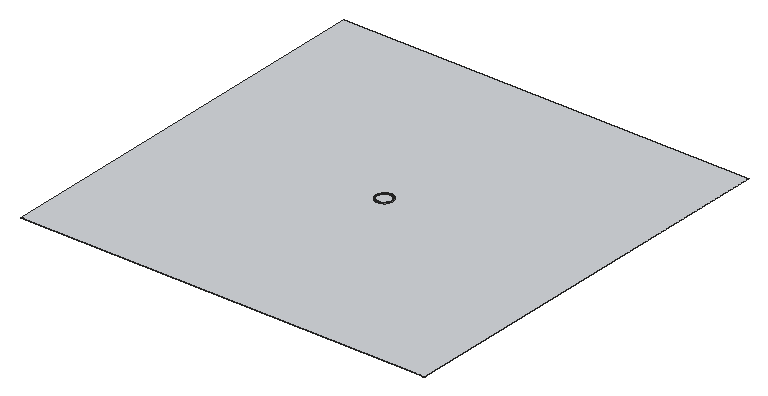
Revit family "LAMP_KOMBIC 100 ROUND IP40 CRI80 OPTIC DALI", category Luminarias, Revit 2018
Family settings
  Anfitrión = Cara
  Cota de conector redondo = Diámetro de uso
  Tipo de pieza = Normal
  Corte con vacíos al cargar = No
  Origen de luz = Sí
  Compartido = No
  Punto de cálculo de habitación = No
Parameters (values of type "1205LM 3000K  BK/BK")
  Ángulo de inclinación = -90.00°
  Weight = 0.382 kg
  Wattage = 13.7 W
  UGR = "17"
  Type = "COB PHILIPS"
  built-in parameter 1150107 = 3000 (stored number, unit not read)
  Recessed diameter = 95 mm
  built-in parameter 1150110 = 1 (stored number, unit not read)
  built-in parameter 1150109 = 1 (stored number, unit not read)
  built-in parameter 1150112 = 1 (stored number, unit not read)
  built-in parameter 1150113 = 1 (stored number, unit not read)
  built-in parameter 1114218 = 1 (stored number, unit not read)
  Protection rating = "IP40"
  Product datasheet = "http://www.lamp.es/product-files/TECH/K11RD2040WF830NBB-EN.pdf"
  Product code = "K11RD2040WF830DBB"
  Product URL = "https://www.lamp.es/en/family/kombic-downlight_33313"
  Power Supply = "220-240V 50/60Hz"
  Power = 12 W
  Plum = 13.7 W
  built-in parameter 1150137 = (empty or 0)
  built-in parameter 1150132 = 2
  Modelo = Product code  # "K11RD2040WF830DBB"
  Material reflector = LAMP_PC Reflector Kombic Metalizado Negro
  Material optica = LAMP_PMMA Optica Kombic100
  Material disipador = LAMP_Aluminio Disipador Kombic
  Material difusor = LAMP_PMMA Difusor Kombic
  Material aro = LAMP_Plástico genérico NG
  Material COB = LAMP_COB
  Manufacturer name = "LAMP"
  Manufacturer country = "Spain"
  Manufacturer URL = "http://www.lamp.es/en"
  MacAdam = "3"
  Luminaire type = "Downlight"
  Last update = "14/07/2021"
  Lamp = "COB LED"
  LED Lifetime = "50.000 L80 B10"
  built-in parameter 1150105 = 1571.2 (stored number, unit not read)
  built-in parameter 1150102 = (empty or 0)
  Insulation class = "II"
  Installation instructions = "https://www.lamp.es/product-files/packed/by-family/33313_INS_all.zip"
  built-in parameter 1150106 = 15.712 (stored number, unit not read)
  IEE = "A+"
  Height = 75 mm
  Gear = "Electronic"
  Lumens = 1205.6 lm
  Finish = "Matte black RAL 9011"
  Color Filter = 16777215
  built-in parameter 1114217 = 1 (stored number, unit not read)
  built-in parameter 1150139 = (empty or 0)
  Fabricante = Manufacturer name  # "LAMP"
  Default Elevation = 1219.2 mm
  built-in parameter 1150104 = 8.1755 (stored number, unit not read)
  Efficacy = 88 lm/W
  Diameter = 99 mm
  built-in parameter 1150115 = 1 (stored number, unit not read)
  built-in parameter 1150114 = 1 (stored number, unit not read)
  built-in parameter 1150138 = (empty or 0)
  built-in parameter 1150134 = (empty or 0)
  Dimming Lamp Color Temperature Shift = (empty or 0)
  CRI = "80"
  Archivo de red fotométrica = "K11RD2040WF830NBB.IES"
  built-in parameter 1150133 = 10 (stored number, unit not read)
Types (16, lengths in mm): name | Wattage | UGR | built-in parameter 1150107 | Product datasheet | Product code | Power | Plum | Modelo | Material reflector | Material aro | LED Lifetime | built-in parameter 1150105 | built-in parameter 1150106 | Lumens | Finish | built-in parameter 1150104 | Efficacy | built-in parameter 1150134 | Archivo de red fotométrica
  1205LM 3000K  BK/BK | 13.7 W | "17" | 3000 (stored number, unit not read) | "http://www.lamp.es/product-files/TECH/K11RD2040WF830NBB-EN.pdf" | "K11RD2040WF830DBB" | 12 W | 13.7 W | "K11RD2040WF830DBB" | LAMP_PC Reflector Kombic Metalizado Negro | LAMP_Plástico genérico NG | "50.000 L80 B10" | 1571.2 (stored number, unit not read) | 15.712 (stored number, unit not read) | 1205.6 lm | "Matte black RAL 9011" | 8.1755 (stored number, unit not read) | 88 lm/W | (empty or 0) | "K11RD2040WF830NBB.IES"
  1205LM 3000K  BK/W | 13.7 W | "17" | 3000 (stored number, unit not read) | "http://www.lamp.es/product-files/TECH/K11RD2040WF830NBW-EN.pdf" | "K11RD2040WF830DBW" | 12 W | 13.7 W | "K11RD2040WF830DBW" | LAMP_PC Reflector Kombic Metalizado Negro | LAMP_Plástico genérico BL | "50.000 L80 B10" | 1571.2 (stored number, unit not read) | 15.712 (stored number, unit not read) | 1205.6 lm | "Shiny white RAL 9010" | 8.1755 (stored number, unit not read) | 88 lm/W | (empty or 0) | "K11RD2040WF830NBW.IES"
  1268LM 3000K  M/W | 13.7 W | "17" | 3000 (stored number, unit not read) | "http://www.lamp.es/product-files/TECH/K11RD2040WF830NMW-EN.pdf" | "K11RD2040WF830DMW" | 12 W | 13.7 W | "K11RD2040WF830DMW" | LAMP_PC Reflector Kombic Metalizado Mate | LAMP_Plástico genérico BL | "50.000 L80 B10" | 1651.6 (stored number, unit not read) | 16.516 (stored number, unit not read) | 1267.25 lm | "Shiny white RAL 9010" | 8.5935 (stored number, unit not read) | 92.5 lm/W | (empty or 0) | "K11RD2040WF830NMW.IES"
  1275LM 3000K  W/W | 13.7 W | "19" | 3000 (stored number, unit not read) | "http://www.lamp.es/product-files/TECH/K11RD2040WF830NWW-EN.pdf" | "K11RD2040WF830DWW" | 12 W | 13.7 W | "K11RD2040WF830DWW" | LAMP_PC Reflector Kombic Blanco | LAMP_Plástico genérico BL | "50.000 L80 B10" | 1662.3 (stored number, unit not read) | 16.623 (stored number, unit not read) | 1275.47 lm | "Matte white RAL 9010" | 8.6493 (stored number, unit not read) | 93.1 lm/W | (empty or 0) | "K11RD2040WF830NWW.IES"
  1277LM 4000K  BK/BK | 13.7 W | "17" | 4000 (stored number, unit not read) | "http://www.lamp.es/product-files/TECH/K11RD2040WF840NBB-EN.pdf" | "K11RD2040WF840DBB" | 12 W | 13.7 W | "K11RD2040WF840DBB" | LAMP_PC Reflector Kombic Metalizado Negro | LAMP_Plástico genérico NG | "50.000 L80 B10" | 1664.1 (stored number, unit not read) | 16.641 (stored number, unit not read) | 1276.84 lm | "Matte black RAL 9011" | 8.6586 (stored number, unit not read) | 93.2 lm/W | 12 | "K11RD2040WF840NBB.IES"
  1277LM 4000K  BK/W | 13.7 W | "17" | 4000 (stored number, unit not read) | "http://www.lamp.es/product-files/TECH/K11RD2040WF840NBW-EN.pdf" | "K11RD2040WF840DBW" | 12 W | 13.7 W | "K11RD2040WF840DBW" | LAMP_PC Reflector Kombic Metalizado Negro | LAMP_Plástico genérico BL | "50.000 L80 B10" | 1664.1 (stored number, unit not read) | 16.641 (stored number, unit not read) | 1276.84 lm | "Shiny white RAL 9010" | 8.6586 (stored number, unit not read) | 93.2 lm/W | 12 | "K11RD2040WF840NBW.IES"
  1343LM 4000K  M/W | 13.7 W | "17" | 4000 (stored number, unit not read) | "http://www.lamp.es/product-files/TECH/K11RD2040WF840NMW-EN.pdf" | "K11RD2040WF840DMW" | 12 W | 13.7 W | "K11RD2040WF840DMW" | LAMP_PC Reflector Kombic Metalizado Mate | LAMP_Plástico genérico BL | "50.000 L80 B10" | 1749.8 (stored number, unit not read) | 17.498 (stored number, unit not read) | 1342.6 lm | "Shiny white RAL 9010" | 9.1045 (stored number, unit not read) | 98 lm/W | 12 | "K11RD2040WF840NMW.IES"
  1351LM 4000K  W/W | 13.7 W | "19" | 4000 (stored number, unit not read) | "http://www.lamp.es/product-files/TECH/K11RD2040WF840NWW-EN.pdf" | "K11RD2040WF840DWW" | 12 W | 13.7 W | "K11RD2040WF840DWW" | LAMP_PC Reflector Kombic Blanco | LAMP_Plástico genérico BL | "50.000 L80 B10" | 1760.5 (stored number, unit not read) | 17.605 (stored number, unit not read) | 1350.82 lm | "Matte white RAL 9010" | 9.1602 (stored number, unit not read) | 98.6 lm/W | 12 | "K11RD2040WF840NWW.IES"
  1609LM 3000K  BK/BK | 19.8 W | "17" | 3000 (stored number, unit not read) | "http://www.lamp.es/product-files/TECH/K11RD2540WF830NBB-EN.pdf" | "K11RD2540WF830DBB" | 18 W | 19.8 W | "K11RD2540WF830DBB" | LAMP_PC Reflector Kombic Metalizado Negro | LAMP_Plástico genérico NG | "50.000 L70 B10" | 2095.4 (stored number, unit not read) | 20.954 (stored number, unit not read) | 1607.76 lm | "Matte black RAL 9011" | 7.5437 (stored number, unit not read) | 81.2 lm/W | (empty or 0) | "K11RD2540WF830NBB.IES"
  1609LM 3000K  BK/W | 19.8 W | "17" | 3000 (stored number, unit not read) | "http://www.lamp.es/product-files/TECH/K11RD2540WF830NBW-EN.pdf" | "K11RD2540WF830DBW" | 18 W | 19.8 W | "K11RD2540WF830DBW" | LAMP_PC Reflector Kombic Metalizado Negro | LAMP_Plástico genérico BL | "50.000 L70 B10" | 2095.4 (stored number, unit not read) | 20.954 (stored number, unit not read) | 1607.76 lm | "Shiny white RAL 9010" | 7.5437 (stored number, unit not read) | 81.2 lm/W | (empty or 0) | "K11RD2540WF830NBW.IES"
  1692LM 3000K  M/W | 19.8 W | "17" | 3000 (stored number, unit not read) | "http://www.lamp.es/product-files/TECH/K11RD2540WF830NMW-EN.pdf" | "K11RD2540WF830DMW" | 18 W | 19.8 W | "K11RD2540WF830DMW" | LAMP_PC Reflector Kombic Metalizado Mate | LAMP_Plástico genérico BL | "50.000 L70 B10" | 2203.7 (stored number, unit not read) | 22.037 (stored number, unit not read) | 1690.92 lm | "Shiny white RAL 9010" | 7.9339 (stored number, unit not read) | 85.4 lm/W | (empty or 0) | "K11RD2540WF830NMW.IES"
  1701LM 3000K  W/W | 19.8 W | "19" | 3000 (stored number, unit not read) | "http://www.lamp.es/product-files/TECH/K11RD2540WF830NWW-EN.pdf" | "K11RD2540WF830DWW" | 18 W | 19.8 W | "K11RD2540WF830DWW" | LAMP_PC Reflector Kombic Blanco | LAMP_Plástico genérico BL | "50.000 L70 B10" | 2216.7 (stored number, unit not read) | 22.167 (stored number, unit not read) | 1700.82 lm | "Matte white RAL 9010" | 7.9804 (stored number, unit not read) | 85.9 lm/W | (empty or 0) | "K11RD2540WF830NWW.IES"
  1704LM 4000K  BK/BK | 19.8 W | "17" | 4000 (stored number, unit not read) | "http://www.lamp.es/product-files/TECH/K11RD2540WF840NBB-EN.pdf" | "K11RD2540WF840DBB" | 18 W | 19.8 W | "K11RD2540WF840DBB" | LAMP_PC Reflector Kombic Metalizado Negro | LAMP_Plástico genérico NG | "50.000 L70 B10" | 2221.8 (stored number, unit not read) | 22.218 (stored number, unit not read) | 1704.78 lm | "Matte black RAL 9011" | 7.999 (stored number, unit not read) | 86.1 lm/W | 12 | "K11RD2540WF840NBB.IES"
  1704LM 4000K  BK/W | 19.8 W | "17" | 4000 (stored number, unit not read) | "http://www.lamp.es/product-files/TECH/K11RD2540WF840NBW-EN.pdf" | "K11RD2540WF840DBW" | 18 W | 19.8 W | "K11RD2540WF840DBW" | LAMP_PC Reflector Kombic Metalizado Negro | LAMP_Plástico genérico BL | "50.000 L70 B10" | 2221.8 (stored number, unit not read) | 22.218 (stored number, unit not read) | 1704.78 lm | "Shiny white RAL 9010" | 7.999 (stored number, unit not read) | 86.1 lm/W | 12 | "K11RD2540WF840NBW.IES"
  1792LM 4000K  M/W | 19.8 W | "17" | 4000 (stored number, unit not read) | "http://www.lamp.es/product-files/TECH/K11RD2540WF840NMW-EN.pdf" | "K11RD2540WF840DMW" | 18 W | 19.8 W | "K11RD2540WF840DMW" | LAMP_PC Reflector Kombic Metalizado Mate | LAMP_Plástico genérico BL | "50.000 L70 B10" | 2335.4 (stored number, unit not read) | 23.354 (stored number, unit not read) | 1791.9 lm | "Shiny white RAL 9010" | 8.4077 (stored number, unit not read) | 90.5 lm/W | 12 | "K11RD2540WF840NMW.IES"
  1802LM 4000K  W/W | 19.8 W | "19" | 4000 (stored number, unit not read) | "http://www.lamp.es/product-files/TECH/K11RD2540WF840NWW-EN.pdf" | "K11RD2540WF840DWW" | 18 W | 19.8 W | "K11RD2540WF840DWW" | LAMP_PC Reflector Kombic Blanco | LAMP_Plástico genérico BL | "50.000 L70 B10" | 2348.3 (stored number, unit not read) | 23.483 (stored number, unit not read) | 1801.8 lm | "Matte white RAL 9010" | 8.4542 (stored number, unit not read) | 91 lm/W | 12 | "K11RD2540WF840NWW.IES"
Reference planes
  plane 1 "Centro (Frontal/Posterior)": y = 0
  plane 2: z = 0
  plane 3 "Centro (Izquierda/Derecha)": x = 0
Forms (mm)
  Extrusion 1, solid
    sketch origin (0, 0, 0) x (1, 0, 0) y (0, 1, 0)
      loop
        line (-1219.2, 1219.2) -> (-1219.2, -1219.2) -> (1219.2, -1219.2) -> (1219.2, 1219.2) -> (-1219.2, 1219.2)
    from 0 to -1
  Revolve 2, solid, material "LAMP_Plástico genérico NG" <- "Material aro"
    sketch origin (0, 0, 1.5) x (-1, 0, 0) y (0, 0, -1)
      loop
        arc (37.791, 25.939) -> (31.498, 30.773) -> (23.839, 32.85) r 20.471
        line (23.839, 32.85) -> (23.839, 30.55)
        arc (23.839, 30.55) -> (39.935, 20.082) -> (44.765, 1.5) r 26.552
        line (44.765, 1.5) -> (43.765, 1.5) -> (43.765, 0) -> (49.506, 0) -> (49.506, 1.5) -> (46.246, 1.5)
        arc (46.246, 1.5) -> (44.417, 14.549) -> (37.791, 25.939) r 34.204
      axis (0, 32.85) -> (0, 0)
    angle from 0 to 360
  Revolve 3, solid, material "LAMP_Aluminio Disipador Kombic" <- "Material disipador"
    sketch origin (0, 0, 1.5) x (-1, 0, 0) y (0, 0, -1)
      loop
        line (0, 32.85) -> (46.5, 32.85) -> (46.5, 75.35) -> (0, 75.35) -> (0, 32.85)
      axis (0, 75.35) -> (0, 32.85)
    angle from 0 to 360
  Revolve 4, solid, material "LAMP_PC Reflector Kombic Metalizado Negro" <- "Material reflector"
    sketch origin (0, 0, 0) x (1, 0, 0) y (0, 0, 1)
      loop
        arc (-44.765, 0) -> (-39.935, -18.582) -> (-23.839, -29.05) r 26.552
        line (-23.839, -29.05) -> (-23.839, -28.081)
        arc (-23.839, -28.081) -> (-39.146, -17.832) -> (-43.765, 0) r 25.895
        line (-43.765, 0) -> (-44.765, 0)
      axis (0, 0) -> (0, -29.05)
    angle from 0 to 360
  Extrusion 5, solid, material "LAMP_COB" <- "Material COB"
    sketch origin (0, 0, 0) x (1, 0, 0) y (0, 1, 0)
      loop
        circle (0, 0) r 13
    from -31.35 to -30.4
  Blend 6, solid, material "LAMP_PMMA Optica Kombic100" <- "Material optica"
    base sketch origin (0, 0, 0) x (1, 0, 0) y (0, 1, 0)
      loop
        circle (0, 0) r 13
    top sketch origin (0, 0, 0) x (1, 0, 0) y (0, 1, 0)
      loop
        circle (0, 0) r 23.839
    from -31.35 to -28.081
Text (mm)
  text "Any modification of the parameters and properties of the LAMP BIM models must be executed and validated by the LAMP technical department.\nPhone: +34 93 736 68 00\nE-mail: lamp@lamp.es\n\nLAMP reserves the right to modify the technical specifications of its products." at (-2876.262, -5833.446, 1777.952), in view "Preview"
Dimensions and locks
  aligned and locked: plane 2 to Extrusion 1
  aligned and locked: level to Extrusion 1
Connectors
  electrical at (0, 0, -73.85)
    settings: on Revolve 3, index 1, voltage 230 V, apparent load 0 VA, apparent load phase1 0 VA, apparent load phase2 0 VA, apparent load phase3 0 VA, power factor 1, load classification "Otro", number of poles 1, system type 30, power factor state 1, is connector primary yes, connector utility no, sub classification motor no, connector description ""
